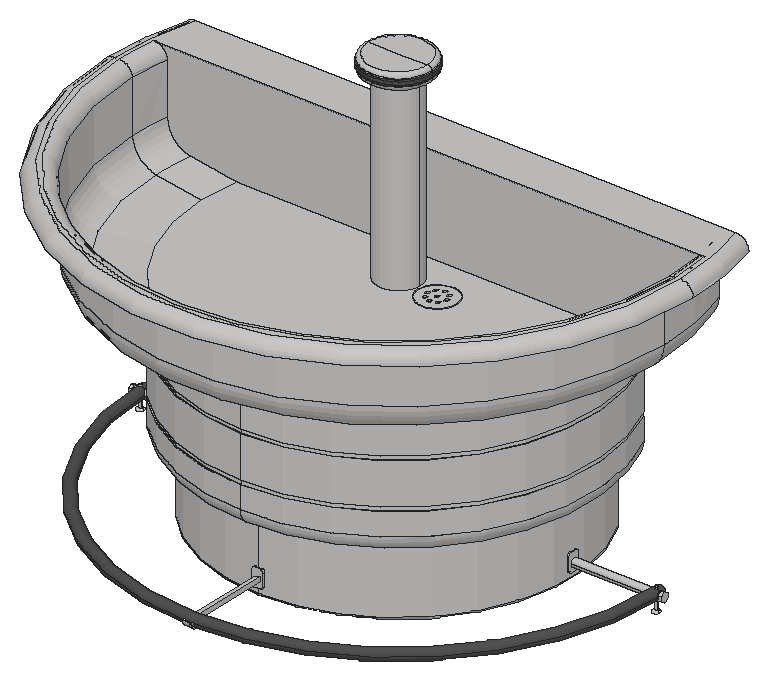
Revit family "Washfountain_Lavatory-Bradley_Corp-WF2704-Type_H_Drain", category Plumbing Fixtures, Revit 2012 (continued)
Automatic sketch dimensions
  curve 66 to plane 3 "Center (Left/Right)" = 0.000"
  plane 3 "Center (Left/Right)" to curve 162 = 0.400"
  plane 3 "Center (Left/Right)" to curve 70 = 1.023"
  curve 69 to curve 162 = 1.635"
  curve 26 to plane 5 "Right" = 11.278"
  curve 25 to curve 26 = 0.21563"
  curve 30 to curve 25 = 1.9764"
  curve 27 to curve 25 = 1.9764"
  curve 32 to curve 30 = 0.000"
  curve 29 to curve 27 = 0.000"
  curve 31 to curve 32 = 0.000"  (x2)
  curve 28 to curve 29 = 0.000"  (x2)
  curve 33 to plane 5 "Right" = 2.48644"
  curve 162 to plane 3 "Center (Left/Right)" = 0.40046"
  curve 68 to plane 3 "Center (Left/Right)" = 1.023"
  curve 162 to curve 67 = 1.63454"
  plane 4 "Left" to curve 26 = 11.27596"
  curve 26 to curve 25 = 0.21401"
  curve 25 to curve 32 = 1.98272"
  curve 30 to curve 32 = 0.000"
  curve 29 to curve 30 = 0.000"
  curve 27 to curve 28 = 0.000"
  plane 4 "Left" to curve 33 = 2.48644"
  level to curve 162 = 0.92558"
  level to curve 69 = 1.069"
  level to curve 67 = 1.069"
  curve 69 to curve 70 = 4.007"
  curve 68 to curve 70 = 0.000"
  level to curve 26 = 6.04595"
  curve 26 to curve 25 = 0.31292"
  curve 25 to curve 27 = 3.563"
  curve 27 to curve 28 = 0.1875"
  curve 28 to curve 29 = 0.1875"
  curve 29 to curve 30 = 3.8125"
  curve 30 to curve 31 = 0.1875"
  curve 31 to curve 32 = 0.1875"
  plane 3 "Center (Left/Right)" to Extrusion 15 sketch curve = 0.06458"
  plane 3 "Center (Left/Right)" to Extrusion 15 sketch curve = 5.500"
  Extrusion 15 sketch curve to Extrusion 15 sketch curve = 0.06458"  (x2)
  Extrusion 15 sketch curve to plane 3 "Center (Left/Right)" = 0.06458"
  Extrusion 15 sketch curve to plane 3 "Center (Left/Right)" = 5.500"
  plane 12 to Extrusion 15 sketch curve = 3.13814"  (x2)
  Extrusion 15 sketch curve to Extrusion 15 sketch curve = 0.11186"
  Extrusion 15 sketch curve to plane 12 = 6.38814"
  Extrusion 16 sketch curve to plane 6 "Towel Dispenser" = 0.000"
  Extrusion 16 sketch curve to Extrusion 16 sketch curve = 2.250"
  Extrusion 16 sketch curve to Extrusion 16 sketch curve = 4.000"
  Extrusion 17 sketch curve to plane 6 "Towel Dispenser" = 0.000"
  Extrusion 17 sketch curve to Extrusion 17 sketch curve = 2.250"
  Extrusion 17 sketch curve to Extrusion 17 sketch curve = 4.000"
  plane 3 "Center (Left/Right)" to Extrusion 18 sketch curve = 0.06458"
  plane 3 "Center (Left/Right)" to Extrusion 18 sketch curve = 5.500"
  Extrusion 18 sketch curve to Extrusion 18 sketch curve = 0.06458"  (x2)
  Extrusion 18 sketch curve to plane 3 "Center (Left/Right)" = 0.06458"
  Extrusion 18 sketch curve to plane 3 "Center (Left/Right)" = 5.500"
  plane 12 to Extrusion 18 sketch curve = 3.13814"  (x2)
  Extrusion 18 sketch curve to Extrusion 18 sketch curve = 0.11186"
  Extrusion 18 sketch curve to plane 12 = 6.38814"
  Split face 1 sketch curve to Extrusion 16 = 0.56845"
  Split face 1 sketch curve to Split face 1 sketch curve = 0.750"
  Split face 1 sketch curve to Extrusion 16 = 1.500"  (x2)
  Split face 2 sketch curve to Extrusion 17 = 0.56845"
  Split face 2 sketch curve to Split face 2 sketch curve = 0.750"
  Split face 2 sketch curve to Extrusion 17 = 1.500"  (x2)
  curve 79 to Extrusion 16 = 0.000"  (x3)
  curve 82 to Extrusion 16 = 2.602"
  curve 82 to curve 82 = 1.000"
  Extrusion 16 to curve 82 = 1.957"
  curve 80 to Extrusion 17 = 0.000"  (x3)
  curve 81 to Extrusion 17 = 2.602"
  curve 81 to curve 81 = 1.000"
  Extrusion 17 to curve 81 = 1.957"
  curve 7 to Masking region 21 sketch curve = 8.500"
  curve 7 to Masking region 21 sketch curve = 1.000"
  Masking region 21 sketch curve to curve 7 = 0.99987"
  curve 7 to Masking region 21 sketch curve = 4.875"
  curve 7 to Masking region 22 sketch curve = 1.000"
  Masking region 22 sketch curve to curve 7 = 0.99987"
  Masking region 22 sketch curve to curve 7 = 8.500"
  Masking region 22 sketch curve to curve 7 = 6.000"
  Masking region 23 sketch curve to plane 9 "Spray Head" = 0.000"
  Masking region 23 sketch curve to plane 13 = 0.000"
  Masking region 23 sketch curve to plane 12 = 2.000"
  plane 12 to Masking region 23 sketch curve = 2.000"
  Masking region 24 sketch curve to plane 6 "Towel Dispenser" = 0.000"
  Masking region 24 sketch curve to plane 7 "Soap Dispenser" = 8.500"
  Masking region 24 sketch curve to plane 12 = 2.000"
  plane 12 to Masking region 24 sketch curve = 2.000"
  Masking region 25 sketch curve to curve 10 = 0.000"
  Masking region 25 sketch curve to curve 10 = 4.250"
  Masking region 25 sketch curve to curve 10 = 2.000"
  Masking region 25 sketch curve to curve 10 = 0.250"
  curve 10 to Masking region 25 sketch curve = 1.000"
  Masking region 25 sketch curve to curve 10 = 1.000"
  curve 10 to Masking region 25 sketch curve = 3.38814"
  curve 10 to Masking region 25 sketch curve = 4.26314"
  Masking region 25 sketch curve to curve 10 = 1.37502"  (x2)
  Masking region 25 sketch curve to Masking region 25 sketch curve = 1.125"
  curve 10 to Masking region 25 sketch curve = 14.62567"  (x2)
  Masking region 25 sketch curve to Masking region 25 sketch curve = 0.68733"
  curve 10 to Masking region 25 sketch curve = 15.313"
  Masking region 25 sketch curve to Masking region 25 sketch curve = 1.000"
  Masking region 26 sketch curve to curve 9 = 0.000"
  Masking region 26 sketch curve to curve 9 = 1.37502"  (x2)
  Masking region 26 sketch curve to curve 9 = 6.02868"
  Masking region 26 sketch curve to Masking region 26 sketch curve = 1.94856"
  Masking region 26 sketch curve to curve 9 = 2.56458"
  curve 9 to Masking region 26 sketch curve = 1.000"  (x2)
  Masking region 26 sketch curve to curve 9 = 1.000"
  Masking region 26 sketch curve to curve 9 = 0.99987"
  curve 9 to Masking region 26 sketch curve = 2.56458"
  curve 9 to Masking region 26 sketch curve = 4.08013"
  Masking region 26 sketch curve to Masking region 26 sketch curve = 3.4641"
  curve 9 to Masking region 26 sketch curve = 14.62567"  (x2)
  curve 9 to Masking region 26 sketch curve = 15.313"  (x2)
  curve 9 to Masking region 26 sketch curve = 16.313"
  curve 108 to curve 10 = 0.000"
  curve 109 to curve 10 = 0.000"
  curve 116 to curve 10 = 0.000"
  curve 108 to curve 10 = 0.250"
  curve 108 to curve 109 = 0.11186"
  curve 10 to curve 116 = 0.73686"
  curve 10 to curve 113 = 1.000"
  curve 113 to curve 111 = 0.86186"
  curve 111 to curve 118 = 0.01928"
  curve 118 to curve 118 = 0.39728"
  curve 118 to curve 118 = 0.31998"
  curve 118 to curve 121 = 0.31998"
  curve 113 to curve 10 = 1.000"
  curve 10 to curve 114 = 0.625"
  curve 120 to curve 10 = 0.29642"
  curve 120 to curve 114 = 2.18152"
  curve 120 to curve 120 = 0.31998"  (x2)
  curve 10 to curve 115 = 3.69333"
  curve 120 to curve 120 = 0.39728"
  curve 114 to curve 112 = 4.76314"
  curve 118 to curve 118 = 0.17193"
  curve 120 to curve 114 = 0.46834"
  curve 121 to curve 115 = 2.89842"
  curve 115 to curve 115 = 1.000"
  curve 10 to curve 114 = 13.12502"
  curve 10 to curve 110 = 14.62567"
  curve 10 to curve 110 = 15.313"
  curve 10 to curve 113 = 15.313"
  curve 108 to curve 109 = 0.000"
  curve 123 to curve 122 = 0.000"
  curve 129 to curve 122 = 0.000"
  curve 130 to curve 122 = 0.000"
  curve 124 to curve 122 = 0.000"
  curve 123 to curve 122 = 2.56458"
  curve 122 to curve 129 = 1.000"
  curve 122 to curve 134 = 1.000"
  curve 122 to curve 133 = 1.000"
  curve 132 to curve 122 = 1.000"
  curve 131 to curve 132 = 0.000"
  curve 130 to curve 122 = 0.99987"
  curve 122 to curve 127 = 2.56458"
  curve 122 to curve 130 = 1.0786"
  curve 128 to curve 127 = 0.500"
  curve 122 to curve 126 = 14.12567"
  curve 126 to curve 125 = 0.500"
  curve 132 to curve 132 = 0.68733"
  curve 125 to curve 124 = 0.68733"
  curve 125 to curve 123 = 0.68733"
  curve 133 to curve 133 = 0.68733"
  curve 135 to curve 136 = 0.000"
  curve 96 to curve 136 = 1.37502"
  curve 96 to curve 136 = 6.02868"
  curve 84 to curve 136 = 6.02868"
  curve 93 to curve 98 = 0.9785"
  curve 93 to curve 103 = 1.17006"
  curve 103 to curve 103 = 0.55422"  (x2)
  curve 103 to curve 136 = 0.29642"
  curve 103 to curve 103 = 0.10867"
  curve 103 to curve 96 = 0.36284"
  curve 101 to curve 93 = 0.43861"
  curve 101 to curve 100 = 0.10867"
  curve 101 to curve 136 = 0.30441"
  curve 136 to curve 102 = 0.24981"
  curve 101 to curve 135 = 0.75019"
  curve 136 to curve 83 = 1.000"
  curve 135 to curve 94 = 0.41987"
  curve 83 to curve 92 = 1.93542"
  curve 92 to curve 91 = 0.12917"
  curve 90 to curve 136 = 1.41987"
  curve 83 to curve 136 = 1.000"
  curve 90 to curve 135 = 0.420"
  curve 105 to curve 136 = 0.35848"
  curve 105 to curve 106 = 0.10867"
  curve 136 to curve 105 = 0.30441"
  curve 136 to curve 86 = 0.52868"
  curve 88 to curve 105 = 0.32994"
  curve 136 to curve 99 = 1.50718"
  curve 104 to curve 97 = 2.42006"
  curve 97 to curve 107 = 0.4715"
  curve 107 to curve 107 = 0.55422"  (x2)
  curve 107 to curve 107 = 0.10867"
  curve 97 to curve 87 = 2.750"
  curve 136 to curve 105 = 0.29642"
  curve 103 to curve 103 = 0.04026"
  curve 105 to curve 105 = 0.04026"
  curve 106 to curve 97 = 1.0786"
  curve 93 to curve 98 = 2.602"
  curve 136 to curve 99 = 3.97702"
  curve 98 to curve 98 = 1.000"
  curve 99 to curve 99 = 1.000"
  curve 136 to curve 96 = 13.12502"
  curve 136 to curve 97 = 13.12502"
  curve 136 to curve 95 = 14.62567"
  curve 136 to curve 88 = 14.62567"
  curve 136 to curve 86 = 15.313"
  Extrusion 21 sketch curve to Extrusion 21 sketch curve = 0.000"  (x6)
  Extrusion 21 sketch curve to plane 12 = 0.5533"  (x3)
  plane 3 "Center (Left/Right)" to Extrusion 21 sketch curve = 5.750"
  Extrusion 21 sketch curve to Extrusion 21 sketch curve = 0.87229"
  plane 12 to Extrusion 21 sketch curve = 0.06733"  (x2)
  Extrusion 21 sketch curve to Extrusion 21 sketch curve = 0.25708"  (x4)
  Extrusion 21 sketch curve to Extrusion 21 sketch curve = 0.62063"  (x7)
  plane 12 to Extrusion 21 sketch curve = 0.32441"
  Extrusion 22 sketch curve to plane 12 = 0.5533"
  plane 3 "Center (Left/Right)" to Extrusion 22 sketch curve = 4.000"
  profile plane to Sweep 23 sketch curve = 0.500"
  profile plane to Sweep 23 sketch curve = 1.42499"
  Extrusion 24 sketch curve to plane 12 = 0.42481"
  Extrusion 24 sketch curve to plane 12 = 0.05332"
  Extrusion 24 sketch curve to plane 12 = 0.05331"
  plane 12 to Extrusion 24 sketch curve = 0.31819"
  level to Extrusion 24 sketch curve = 0.99603"
  Extrusion 24 sketch curve to Extrusion 24 sketch curve = 0.21448"  (x2)
  Extrusion 24 sketch curve to Extrusion 24 sketch curve = 0.42897"  (x2)
  Extrusion 24 sketch curve to Extrusion 24 sketch curve = 0.21449"
  Extrusion 25 sketch curve to plane 12 = 0.42481"
  Extrusion 25 sketch curve to plane 12 = 0.05332"
  Extrusion 25 sketch curve to plane 12 = 0.05331"
  plane 12 to Extrusion 25 sketch curve = 0.31819"
  level to Extrusion 25 sketch curve = 0.99603"
  Extrusion 25 sketch curve to Extrusion 25 sketch curve = 0.21448"  (x2)
  Extrusion 25 sketch curve to Extrusion 25 sketch curve = 0.42897"  (x2)
  Extrusion 25 sketch curve to Extrusion 25 sketch curve = 0.21449"
  Extrusion 26 sketch curve to plane 12 = 0.000"  (x2)
  plane 4 "Left" to Extrusion 26 sketch curve = 3.42187"
  Extrusion 26 sketch curve to plane 5 "Right" = 3.42187"
  Blend 27 sketch curve to plane 12 = 0.000"  (x2)
  plane 4 "Left" to Blend 27 sketch curve = 3.42187"  (x2)
  Blend 28 sketch curve to plane 12 = 0.000"  (x2)
  Blend 28 sketch curve to plane 5 "Right" = 3.42187"  (x2)
  Masking region 27 sketch curve to curve 163 = 1.9244"
  Masking region 27 sketch curve to curve 163 = 22.00846"
  curve 163 to Masking region 27 sketch curve = 1.100"
  Masking region 27 sketch curve to Masking region 27 sketch curve = 0.80046"
  Masking region 27 sketch curve to curve 163 = 0.92558"
  curve 163 to Masking region 27 sketch curve = 22.00846"
  Extrusion 29 sketch curve to plane 12 = 0.55331"
  Extrusion 29 sketch curve to plane 12 = 0.30331"  (x2)
  plane 12 to Extrusion 29 sketch curve = 0.19669"  (x2)
  Extrusion 29 sketch curve to Extrusion 29 sketch curve = 0.250"
  level to Extrusion 29 sketch curve = 0.671"
  Extrusion 29 sketch curve to Extrusion 29 sketch curve = 1.125"
  Extrusion 30 sketch curve to plane 12 = 0.55331"
  Extrusion 30 sketch curve to plane 12 = 0.30331"
  Extrusion 30 sketch curve to Extrusion 30 sketch curve = 0.250"  (x2)
  plane 12 to Extrusion 30 sketch curve = 0.19669"  (x2)
  level to Extrusion 30 sketch curve = 0.671"
  Extrusion 30 sketch curve to Extrusion 30 sketch curve = 1.125"
  Masking region 28 sketch curve to Masking region 28 sketch curve = 0.000"  (x12)
  Masking region 28 sketch curve to level = 0.000"  (x2)
  plane 4 "Left" to Masking region 28 sketch curve = 2.67187"
  Masking region 28 sketch curve to Masking region 28 sketch curve = 0.3125"  (x2)
  Masking region 28 sketch curve to Masking region 28 sketch curve = 0.1105"
  Masking region 28 sketch curve to Masking region 28 sketch curve = 0.1734"
  Masking region 28 sketch curve to Masking region 28 sketch curve = 0.17342"
  Masking region 28 sketch curve to Masking region 28 sketch curve = 0.14408"
  Masking region 28 sketch curve to Masking region 28 sketch curve = 0.207"  (x5)
  Masking region 28 sketch curve to Masking region 28 sketch curve = 0.18967"
  Masking region 28 sketch curve to Masking region 28 sketch curve = 0.240"  (x4)
  level to Masking region 28 sketch curve = 2.296"  (x2)
  Masking region 28 sketch curve to Masking region 28 sketch curve = 7.39508"
  Masking region 28 sketch curve to Masking region 28 sketch curve = 0.125"  (x2)
  Masking region 28 sketch curve to plane 5 "Right" = 11.06237"
  Masking region 28 sketch curve to plane 5 "Right" = 3.74887"
  Masking region 28 sketch curve to Masking region 28 sketch curve = 0.05033"
  level to Masking region 28 sketch curve = 0.1445"  (x4)
  Masking region 28 sketch curve to Masking region 28 sketch curve = 0.14409"  (x2)
  Masking region 28 sketch curve to Masking region 28 sketch curve = 0.20127"  (x2)
  Masking region 28 sketch curve to Masking region 28 sketch curve = 0.33574"
  level to Masking region 28 sketch curve = 0.671"  (x2)
  Masking region 28 sketch curve to Masking region 28 sketch curve = 0.78363"  (x2)
  Masking region 28 sketch curve to Masking region 28 sketch curve = 0.03488"  (x2)
  Masking region 28 sketch curve to Masking region 28 sketch curve = 0.03303"  (x2)
  Masking region 28 sketch curve to Masking region 28 sketch curve = 0.05746"
  Masking region 28 sketch curve to Masking region 28 sketch curve = 0.05747"  (x2)
  Masking region 28 sketch curve to Masking region 28 sketch curve = 0.05748"
  Masking region 28 sketch curve to Masking region 28 sketch curve = 0.09048"
  Masking region 28 sketch curve to Masking region 28 sketch curve = 0.09049"
  Masking region 28 sketch curve to Masking region 28 sketch curve = 0.07813"
  Masking region 28 sketch curve to Masking region 28 sketch curve = 0.11301"
  level to Masking region 29 sketch curve = 1.9244"
  plane 14 "Front" to Masking region 29 sketch curve = 3.51211"
  plane 12 to Masking region 29 sketch curve = 0.500"
  Masking region 29 sketch curve to Masking region 29 sketch curve = 0.49941"
  Masking region 30 sketch curve to Masking region 30 sketch curve = 0.000"  (x6)
  Masking region 30 sketch curve to level = 0.000"
  plane 14 "Front" to Masking region 30 sketch curve = 2.9127"
  Masking region 30 sketch curve to Masking region 30 sketch curve = 0.050"
  Masking region 30 sketch curve to Masking region 30 sketch curve = 0.49941"
  level to Masking region 30 sketch curve = 0.92558"  (x2)
  Masking region 30 sketch curve to Masking region 30 sketch curve = 7.1076"
  Masking region 30 sketch curve to Masking region 30 sketch curve = 0.1378"  (x2)
  Masking region 30 sketch curve to plane 12 = 0.55349"
  Masking region 30 sketch curve to plane 12 = 0.55331"
  Masking region 30 sketch curve to Masking region 30 sketch curve = 0.1285"
  Masking region 30 sketch curve to plane 12 = 0.32637"
  Masking region 30 sketch curve to plane 12 = 0.30331"
  Masking region 30 sketch curve to plane 12 = 0.30215"
  Masking region 30 sketch curve to plane 12 = 0.120"
  Masking region 30 sketch curve to plane 12 = 0.05332"
  Masking region 30 sketch curve to plane 12 = 0.05331"
  plane 12 to Masking region 30 sketch curve = 0.120"
  plane 12 to Masking region 30 sketch curve = 0.19559"
  plane 12 to Masking region 30 sketch curve = 0.19669"
  Masking region 30 sketch curve to Masking region 30 sketch curve = 0.1226"
  Masking region 30 sketch curve to Masking region 30 sketch curve = 0.20637"
  Masking region 30 sketch curve to Masking region 30 sketch curve = 0.250"
  Masking region 30 sketch curve to Masking region 30 sketch curve = 0.25134"
  level to Masking region 30 sketch curve = 0.1445"  (x2)
  Masking region 30 sketch curve to Masking region 30 sketch curve = 0.25458"
  Masking region 30 sketch curve to Masking region 30 sketch curve = 0.5265"
  Masking region 30 sketch curve to Masking region 30 sketch curve = 0.25136"
  Masking region 30 sketch curve to Masking region 30 sketch curve = 0.07367"
  Masking region 30 sketch curve to Masking region 30 sketch curve = 0.28493"  (x2)
  Masking region 30 sketch curve to Masking region 30 sketch curve = 0.42897"  (x2)
  Masking region 30 sketch curve to Masking region 30 sketch curve = 0.21449"
  Masking region 30 sketch curve to Masking region 30 sketch curve = 0.99881"
  Masking region 30 sketch curve to Masking region 30 sketch curve = 0.28491"
  Masking region 30 sketch curve to Masking region 30 sketch curve = 0.1216"
  Masking region 30 sketch curve to Masking region 30 sketch curve = 0.3716"
  Extrusion 31 sketch curve to Extrusion 31 sketch curve = 0.000"  (x4)
  level to Extrusion 31 sketch curve = 1.42499"
  plane 14 "Front" to Extrusion 31 sketch curve = 2.9127"
  Extrusion 31 sketch curve to Extrusion 31 sketch curve = 0.050"
  Extrusion 31 sketch curve to Extrusion 31 sketch curve = 0.49941"
  Extrusion 31 sketch curve to Extrusion 31 sketch curve = 0.45761"
  level to Extrusion 32 sketch curve = 1.42499"
  plane 14 "Front" to Extrusion 32 sketch curve = 3.51211"
  Extrusion 32 sketch curve to Extrusion 32 sketch curve = 0.56506"
  Extrusion 32 sketch curve to Extrusion 32 sketch curve = 0.000"
  level to Extrusion 32 sketch curve = 1.62499"
  Extrusion 32 sketch curve to Extrusion 32 sketch curve = 6.87403"
  curve 163 to Masking region 31 sketch curve = 0.9999"
  Masking region 31 sketch curve to Masking region 31 sketch curve = 0.0001"
  Masking region 31 sketch curve to Masking region 31 sketch curve = 0.1001"
  Masking region 31 sketch curve to Masking region 31 sketch curve = 0.250"  (x2)
  Masking region 31 sketch curve to Masking region 31 sketch curve = 0.15046"
  Masking region 31 sketch curve to Masking region 31 sketch curve = 0.49872"
  Masking region 31 sketch curve to Masking region 31 sketch curve = 0.500"
  Masking region 31 sketch curve to Masking region 31 sketch curve = 0.15128"
  Masking region 31 sketch curve to Masking region 31 sketch curve = 0.0998"
  Masking region 31 sketch curve to curve 163 = 0.67502"
  Masking region 31 sketch curve to Masking region 31 sketch curve = 0.54941"
  Masking region 31 sketch curve to Masking region 31 sketch curve = 0.44941"
  Masking region 31 sketch curve to Masking region 31 sketch curve = 0.1216"
  Masking region 32 sketch curve to plane 1 "Center (Front/Back)" = 0.000"
  Masking region 32 sketch curve to plane 5 "Right" = 1.13617"
  Masking region 32 sketch curve to plane 12 = 0.0533"
  plane 12 to Masking region 33 sketch curve = 1.13814"  (x2)
  plane 3 "Center (Left/Right)" to Masking region 33 sketch curve = 9.02868"
  plane 12 to Masking region 33 sketch curve = 3.13814"  (x2)
  Masking region 33 sketch curve to Masking region 33 sketch curve = 3.4641"
  Masking region 33 sketch curve to Masking region 33 sketch curve = 0.06458"  (x2)
  plane 3 "Center (Left/Right)" to Masking region 33 sketch curve = 3.52868"
  plane 3 "Center (Left/Right)" to Masking region 33 sketch curve = 0.06458"
  Masking region 33 sketch curve to plane 3 "Center (Left/Right)" = 0.06458"
  Masking region 33 sketch curve to plane 3 "Center (Left/Right)" = 3.52868"
  Masking region 33 sketch curve to plane 3 "Center (Left/Right)" = 5.500"
  Masking region 33 sketch curve to Masking region 33 sketch curve = 0.11186"
  plane 3 "Center (Left/Right)" to curve 169 = 0.06458"
  plane 3 "Center (Left/Right)" to curve 170 = 1.58013"
  plane 3 "Center (Left/Right)" to curve 169 = 5.56458"
  plane 12 to curve 170 = 2.26314"
  curve 170 to curve 169 = 1.51554"
  curve 168 to plane 3 "Center (Left/Right)" = 0.06458"
  curve 167 to plane 3 "Center (Left/Right)" = 1.58013"
  curve 168 to plane 3 "Center (Left/Right)" = 5.56458"
  plane 12 to curve 167 = 2.26314"
  curve 168 to curve 167 = 1.51554"
  curve 169 to curve 170 = 0.875"  (x2)
  curve 168 to curve 167 = 0.875"  (x2)
  curve 169 to plane 12 = 6.38814"
  curve 168 to curve 169 = 0.000"
  Masking region 34 sketch curve to plane 12 = 0.000"
  Masking region 34 sketch curve to plane 3 "Center (Left/Right)" = 0.000"
  plane 12 to Masking region 34 sketch curve = 2.250"
  plane 3 "Center (Left/Right)" to Masking region 34 sketch curve = 6.20569"
  curve 173 to plane 12 = 0.000"
  curve 173 to plane 3 "Center (Left/Right)" = 0.000"
  curve 174 to curve 173 = 4.15684"
  curve 172 to curve 172 = 2.250"
  curve 174 to curve 173 = 2.250"
  Extrusion 35 sketch curve to curve 7 = 1.500"
  Extrusion 35 sketch curve to curve 7 = 0.500"
  Extrusion 35 sketch curve to curve 7 = 35.232"
  Extrusion 35 sketch curve to curve 7 = 37.232"
  Extrusion 36 sketch curve to plane 12 = 0.05331"
  level to Extrusion 36 sketch curve = 1.425"
  Extrusion 37 sketch curve to plane 12 = 0.05331"
  level to Extrusion 37 sketch curve = 1.42499"
  Extrusion 38 sketch curve to plane 3 "Center (Left/Right)" = 0.500"
  Extrusion 38 sketch curve to plane 3 "Center (Left/Right)" = 0.250"  (x2)
  plane 3 "Center (Left/Right)" to Extrusion 38 sketch curve = 0.250"  (x2)
  Extrusion 38 sketch curve to Extrusion 38 sketch curve = 0.250"
  level to Extrusion 38 sketch curve = 0.671"
  Extrusion 38 sketch curve to Extrusion 38 sketch curve = 1.125"
  curve 163 to curve 184 = 1.100"
  curve 183 to curve 183 = 0.80046"
  curve 182 to curve 163 = 0.82558"
  curve 183 to curve 184 = 0.100"
  curve 182 to curve 182 = 0.100"
  Split face 3 sketch curve to cut or joined group of Revolve 11, Extrusion 13 = 0.000"  (x3)
  Revolve 40 sketch curve to curve 7 = 0.000"
  Revolve 40 sketch curve to Revolve 40 sketch curve = 0.000"
  Revolve 40 sketch curve to curve 7 = 3.13971"
  Revolve 40 sketch curve to Revolve 40 sketch curve = 0.06598"
  Revolve 40 sketch curve to Revolve 40 sketch curve = 1.63087"
  Revolve 40 sketch curve to curve 7 = 2.61866"
  Extrusion 41 sketch curve to curve 7 = 3.20569"
  Extrusion 41 sketch curve to Extrusion 41 sketch curve = 0.06598"  (x2)
  curve 7 to Extrusion 41 sketch curve = 3.13971"
  curve 6 to Masking region 37 sketch curve = 1.79013"
  curve 6 to Masking region 37 sketch curve = 0.79013"
  Masking region 38 sketch curve to curve 6 = 1.54013"
  Masking region 38 sketch curve to Masking region 38 sketch curve = 0.500"
  Masking region 17 sketch curve to plane 1 "Center (Front/Back)" = 0.000"
  plane 14 "Front" to Masking region 17 sketch curve = 9.000"
  plane 11 "Pedestal Height" to Masking region 17 sketch curve = 3.15525"
  Masking region 17 sketch curve to Masking region 17 sketch curve = 3.79921"
  plane 11 "Pedestal Height" to Masking region 17 sketch curve = 0.60775"
  Masking region 17 sketch curve to Masking region 17 sketch curve = 0.37728"
  Masking region 17 sketch curve to Masking region 17 sketch curve = 2.61961"
  Masking region 17 sketch curve to plane 10 "Rim Height" = 1.125"
  Masking region 17 sketch curve to Masking region 17 sketch curve = 0.04119"
  Masking region 17 sketch curve to plane 14 "Front" = 0.000"
  Masking region 18 sketch curve to plane 1 "Center (Front/Back)" = 0.000"
  plane 14 "Front" to Masking region 18 sketch curve = 2.5451"
  Masking region 18 sketch curve to plane 10 "Rim Height" = 1.125"
  plane 14 "Front" to Masking region 18 sketch curve = 0.00001"
  Masking region 13 sketch curve to plane 10 "Rim Height" = 0.000"
  Masking region 13 sketch curve to plane 11 "Pedestal Height" = 0.000"
  Masking region 13 sketch curve to plane 10 "Rim Height" = 0.00011"
  Masking region 13 sketch curve to plane 10 "Rim Height" = 1.125"
  Masking region 13 sketch curve to plane 4 "Left" = 0.000"
  Masking region 13 sketch curve to Masking region 13 sketch curve = 1.415"
  Masking region 13 sketch curve to Masking region 13 sketch curve = 0.04119"  (x2)
  plane 11 "Pedestal Height" to Masking region 13 sketch curve = 0.60775"
  Masking region 13 sketch curve to Masking region 13 sketch curve = 2.24233"
  Masking region 13 sketch curve to Masking region 13 sketch curve = 0.37728"  (x2)
  Masking region 13 sketch curve to Masking region 13 sketch curve = 4.17649"
  plane 10 "Rim Height" to Masking region 13 sketch curve = 0.00019"
  plane 4 "Left" to Masking region 13 sketch curve = 1.125"
  Masking region 13 sketch curve to plane 5 "Right" = 1.125"
  Masking region 13 sketch curve to plane 5 "Right" = 8.99924"
  Masking region 13 sketch curve to Masking region 13 sketch curve = 3.79845"
  plane 11 "Pedestal Height" to Masking region 13 sketch curve = 0.60764"
  plane 11 "Pedestal Height" to Masking region 13 sketch curve = 3.15514"
  Masking region 13 sketch curve to Masking region 13 sketch curve = 2.61961"
  Masking region 13 sketch curve to plane 10 "Rim Height" = 1.12511"
  plane 11 "Pedestal Height" to Masking region 13 sketch curve = 3.15525"
  Masking region 13 sketch curve to plane 5 "Right" = 0.000"
  Masking region 14 sketch curve to plane 4 "Left" = 0.000"
  Masking region 14 sketch curve to plane 11 "Pedestal Height" = 0.000"
  Masking region 14 sketch curve to plane 5 "Right" = 0.000"
  Masking region 14 sketch curve to plane 10 "Rim Height" = 0.000"
  Masking region 14 sketch curve to plane 10 "Rim Height" = 1.12495"  (x2)
  Masking region 14 sketch curve to Masking region 14 sketch curve = 2.57762"
  Masking region 14 sketch curve to plane 5 "Right" = 2.57762"
  curve 13 to plane 12 = 0.0533"
  Extrusion 44 sketch curve to plane 5 "Right" = 2.97048"
  Extrusion 44 sketch curve to plane 3 "Center (Left/Right)" = 0.000"
  Extrusion 44 sketch curve to Extrusion 44 sketch curve = 0.996"  (x2)
  Extrusion 44 sketch curve to Extrusion 44 sketch curve = 0.000"  (x2)
  Extrusion 44 sketch curve to plane 1 "Center (Front/Back)" = 0.000"
  plane 12 to Extrusion 44 sketch curve = 3.5782"
  Extrusion 45 sketch curve to plane 1 "Center (Front/Back)" = 0.000"
  Extrusion 45 sketch curve to plane 5 "Right" = 2.54607"
  Extrusion 45 sketch curve to plane 5 "Right" = 1.55559"
  Extrusion 45 sketch curve to plane 12 = 0.0533"  (x2)
  Extrusion 45 sketch curve to plane 3 "Center (Left/Right)" = 1.250"
  plane 4 "Left" to Extrusion 45 sketch curve = 2.58453"
  plane 4 "Left" to Extrusion 45 sketch curve = 1.59404"
  Sweep 46 sketch curve to profile plane = 0.000"
  Sweep 46 sketch curve to Sweep 46 sketch curve = 0.09252"
  Sweep 46 sketch curve to profile plane = 0.060"
  Sweep 46 sketch curve to profile plane = 1.15752"
  Sweep 46 sketch curve to Sweep 46 sketch curve = 0.000"  (x2)
  Sweep 46 sketch curve to profile plane = 0.06025"
  Sweep 46 sketch curve to Sweep 46 sketch curve = 0.410"
  Sweep 46 sketch curve to profile plane = 1.12499"
  Sweep 46 sketch curve to Sweep 46 sketch curve = 1.065"
  Sweep 46 sketch curve to profile plane = 2.6737"
  Sweep 46 sketch curve to Sweep 46 sketch curve = 2.19097"
  Sweep 46 sketch curve to Sweep 46 sketch curve = 0.36864"
  Sweep 46 sketch curve to Sweep 46 sketch curve = 4.19488"
  Sweep 46 sketch curve to Sweep 46 sketch curve = 4.67456"
  Sweep 46 sketch curve to Sweep 46 sketch curve = 0.04441"
  Sweep 46 sketch curve to Sweep 46 sketch curve = 0.61043"
  Sweep 46 sketch curve to Sweep 46 sketch curve = 0.0567"
  Sweep 46 sketch curve to Sweep 46 sketch curve = 0.00036"
  curve 71 to level = 0.000"
  curve 71 to plane 12 = 0.000"
  curve 19 to plane 1 "Center (Front/Back)" = 0.000"
  curve 18 to plane 1 "Center (Front/Back)" = 0.000"
  curve 23 to plane 1 "Center (Front/Back)" = 0.000"
  curve 24 to plane 1 "Center (Front/Back)" = 0.000"
  curve 20 to plane 1 "Center (Front/Back)" = 0.000"
  curve 22 to plane 1 "Center (Front/Back)" = 0.000"
  curve 21 to plane 1 "Center (Front/Back)" = 0.000"
  curve 17 to plane 1 "Center (Front/Back)" = 0.000"
  curve 16 to plane 1 "Center (Front/Back)" = 0.000"
  curve 156 to plane 12 = 0.05331"
  curve 161 to plane 12 = 0.120"
  curve 157 to plane 12 = 0.120"
  curve 155 to plane 12 = 0.120"
  curve 75 to plane 12 = 0.96986"
  curve 74 to curve 161 = 1.86186"
  plane 14 "Front" to curve 23 = 11.303"
  curve 22 to curve 23 = 0.21401"
  curve 16 to curve 22 = 1.97802"
  curve 17 to curve 16 = 0.000"
  curve 18 to curve 16 = 0.000"
  curve 21 to curve 17 = 0.0047"
  curve 19 to curve 21 = 0.000"
  curve 20 to curve 21 = 0.000"
  plane 14 "Front" to curve 24 = 2.54029"
  plane 12 to curve 157 = 0.120"
  plane 12 to curve 160 = 0.120"
  plane 12 to curve 155 = 0.120"
  plane 12 to curve 73 = 0.96986"
  curve 160 to curve 72 = 1.86186"
  level to curve 155 = 0.1445"
  curve 155 to curve 160 = 0.52704"
  curve 161 to curve 160 = 0.000"  (x2)
  curve 160 to curve 160 = 0.25404"
  level to curve 72 = 1.069"
  level to curve 74 = 1.069"
  curve 161 to curve 156 = 0.49942"
  curve 156 to curve 158 = 0.4994"
  curve 159 to curve 158 = 0.000"
  curve 158 to curve 157 = 0.07559"
  curve 157 to curve 75 = 3.07601"
  curve 73 to curve 75 = 0.000"
  curve 73 to curve 71 = 0.96995"
  curve 23 to curve 22 = 0.31292"
  curve 22 to curve 20 = 3.563"
  curve 20 to curve 21 = 0.21459"
  curve 21 to curve 19 = 0.16041"
  curve 19 to curve 17 = 3.8125"
  curve 17 to curve 18 = 0.20619"
  curve 18 to curve 16 = 0.16881"
  radius of curve 13 = 27.000"
  radius of curve 138 = 1.750"
  radius of curve 139 = 1.250"
  radius of curve 140 = 0.1842"
  radius of curve 141 = 0.1842"
  radius of curve 142 = 0.1842"
  radius of curve 143 = 0.1842"
  radius of curve 144 = 0.1842"
  radius of curve 145 = 0.1842"
  radius of curve 146 = 0.1842"
  radius of curve 147 = 0.1842"
  radius of curve 148 = 0.1842"
  radius of curve 67 = 0.350"
  radius of curve 68 = 0.350"
  radius of curve 69 = 0.350"
  radius of curve 70 = 0.350"
  radius of Extrusion 15 sketch curve = 2.000"
  radius of Extrusion 18 sketch curve = 2.000"
  radius of Extrusion 21 sketch curve = 0.1842"  (x9)
  radius of Extrusion 22 sketch curve = 1.750"
  radius of curve 137 to Extrusion 21 = 0.500"
  radius of Sweep 23 sketch curve = 0.49941"
  radius of Extrusion 26 sketch curve = 0.120"  (x2)
  radius of Blend 27 sketch curve = 0.120"
  radius of Blend 27 sketch curve = 0.327"
  radius of Blend 28 sketch curve = 0.120"
  radius of Blend 28 sketch curve = 0.327"
  radius of curve 171 = 2.000"
  radius of Masking region 35 sketch curve = 4.57537"
  radius of curve 175 = 3.750"
  radius of Masking region 36 sketch curve = 3.12487"
  radius of curve 176 = 2.750"
  radius of Extrusion 36 sketch curve = 0.36122"
  radius of Extrusion 37 sketch curve = 0.36122"
  radius of Extrusion 42 sketch curve = 0.500"
  radius of Extrusion 43 sketch curve = 0.250"
  radius of curve 72 = 0.350"
  radius of curve 73 = 0.350"
  radius of curve 74 = 0.350"
  radius of curve 75 = 0.350"
  radius of curve 156 = 0.36122"
Connectors (in)
  piping at (-7.625, 0, 12), driven by "Hot Lavatory Inlet Primary Radius", driven by "HWFU"
    settings: on Extrusion 35, index 1, connector radius 1/2", flow factor 0, pipe flow 0.0 GPM, pressure drop 0.0 psi, fitting loss kfactor 0, connector angle 0.00°, fixture units 0, engagement length 0.000", flow configuration 3, flow direction 1, fitting loss method 0, system type 19, joint type 0, gender type 0, connector reference index -1, connector utility 0, adjustable connector no, is connector primary yes, fitting loss table "", connector description "Hot Lavatory Inlet Primary"
  piping at (7.625, 0, 12), driven by "Cold Lavatory Inlet Primary Radius", driven by "CWFU"
    settings: on Extrusion 35, index 2, connector radius 1/2", flow factor 0, pipe flow 0.0 GPM, pressure drop 0.0 psi, fitting loss kfactor 0, connector angle 0.00°, fixture units 0, engagement length 0.000", flow configuration 3, flow direction 1, fitting loss method 0, system type 20, joint type 0, gender type 0, connector reference index -1, connector utility 0, adjustable connector no, is connector primary no, fitting loss table "", connector description "Cold Lavatory Inlet Primary"
  piping at (-4, -8.25, 0), driven by "Drain Radius", driven by "WFU"
    settings: on Extrusion 33, index 3, connector radius 1", flow factor 0, pipe flow 0.0 GPM, pressure drop 0.0 psi, fitting loss kfactor 0, connector angle 0.00°, fixture units 0, engagement length 0.000", flow configuration 3, flow direction 2, fitting loss method 0, system type 16, joint type 0, gender type 0, connector reference index -1, connector utility 0, adjustable connector yes, is connector primary no, fitting loss table "", connector description "Drain"
  piping at (-7.625, -5, 0), driven by "Hot Lavatory Inlet Secondary Radius", driven by "HWFU"
    settings: on Extrusion 39, index 4, connector radius 1/2", flow factor 0, pipe flow 0.0 GPM, pressure drop 0.0 psi, fitting loss kfactor 0, connector angle 0.00°, fixture units 0, engagement length 0.000", flow configuration 3, flow direction 1, fitting loss method 0, system type 19, joint type 0, gender type 0, connector reference index -1, connector utility 0, adjustable connector no, is connector primary no, fitting loss table "", connector description "Hot Lavatory Inlet Secondary"
  piping at (7.625, -5, 0), driven by "Cold Lavatory Inlet Secondary Radius", driven by "CWFU"
    settings: on Extrusion 39, index 5, connector radius 1/2", flow factor 0, pipe flow 0.0 GPM, pressure drop 0.0 psi, fitting loss kfactor 0, connector angle 0.00°, fixture units 0, engagement length 0.000", flow configuration 3, flow direction 1, fitting loss method 0, system type 20, joint type 0, gender type 0, connector reference index -1, connector utility 0, adjustable connector no, is connector primary no, fitting loss table "", connector description "Cold Lavatory Inlet Secondary"
  piping at (0, -8.25, 37.375), driven by "Vent Radius", driven by "WFU"
    settings: on Extrusion 34, index 6, connector radius 3/4", flow factor 0, pipe flow 0.0 GPM, pressure drop 0.0 psi, fitting loss kfactor 0, connector angle 0.00°, fixture units 0, engagement length 0.000", flow configuration 3, flow direction 2, fitting loss method 0, system type 16, joint type 0, gender type 0, connector reference index -1, connector utility 0, adjustable connector yes, is connector primary no, fitting loss table "", connector description "Vent"
  electrical at (-4, 0, 9.643), driven by "Voltage"
    settings: on Extrusion 35, index 7, voltage 110 V, apparent load 0 VA, apparent load phase1 0 VA, apparent load phase2 0 VA, apparent load phase3 0 VA, power factor 1, load classification "Other", number of poles 1, system type 31, power factor state 1, is connector primary yes, connector utility no, sub classification motor no, connector description ""
